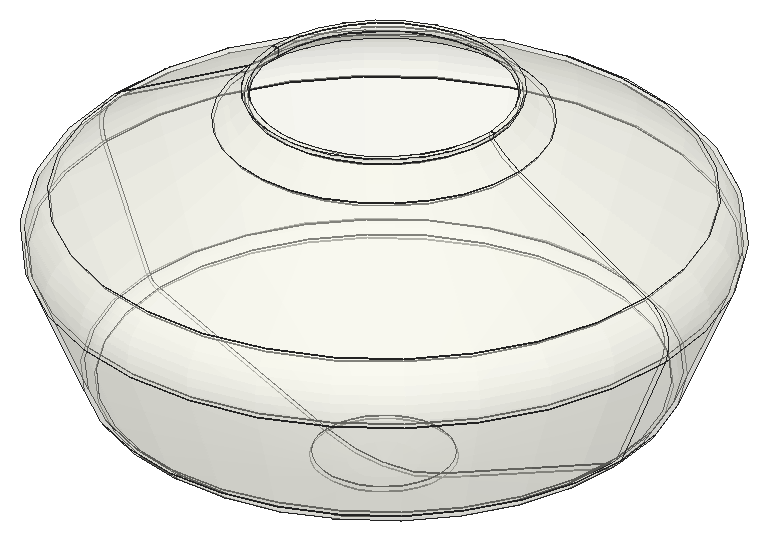
Revit family "SHC14", category Generic Models, Revit 2024
Family settings
  Can host rebar = No
  Round Connector Dimension = Use Diameter
  Part Type = Normal
  Work Plane-Based = No
  Always vertical = Yes
  Cut with Voids When Loaded = No
  Maintain Annotation Orientation = No
  Shared = No
  Room Calculation Point = No
Parameters
  Default Elevation = 0' - 0"
Reference planes (in)
  plane 1 "Center (Front/Back)": y = 0
  plane 2: z = 0
  plane 3 "Center (Left/Right)": x = 0
Forms (in)
  Revolve 1, solid, material "CLEAR"
    sketch origin (0, 0, 0) x (1, 0, 0) y (0, 0, 1)
      loop
        line (2.75308, 47.1846) -> (2.62173, 47.1846)
        arc (2.62173, 47.1846) -> (2.601, 47.09264) -> (2.62817, 47.00238) r 0.18537
        arc (2.62817, 47.00238) -> (2.93338, 46.70401) -> (3.2834, 46.45976) r 2.59258
        line (3.2834, 46.45976) -> (6.43924, 44.78706)
        arc (6.43924, 44.78706) -> (6.8692, 44.28858) -> (6.84835, 43.63062) r 0.90625
        line (6.84835, 43.63062) -> (5.76325, 41.08794)
        arc (5.76325, 41.08794) -> (5.675, 40.95828) -> (5.5442, 40.87171) r 0.40625
        arc (5.5442, 40.87171) -> (3.44401, 40.11435) -> (1.40433, 39.20657) r 30.74118
        arc (1.40433, 39.20657) -> (0.71417, 39.01151) -> (0, 38.94575) r 3.91118
        line (0, 38.94575) -> (0, 38.852)
        arc (0, 38.852) -> (0.73333, 38.91972) -> (1.44186, 39.12056) r 4.00493
        arc (1.44186, 39.12056) -> (3.47876, 40.02728) -> (5.57619, 40.78352) r 30.64743
        arc (5.57619, 40.78352) -> (5.73944, 40.89016) -> (5.84948, 41.05114) r 0.5
        line (5.84948, 41.05114) -> (6.93458, 43.59383)
        arc (6.93458, 43.59383) -> (6.95758, 44.31985) -> (6.48315, 44.86989) r 1
        line (6.48315, 44.86989) -> (3.32896, 46.54172)
        arc (3.32896, 46.54172) -> (2.99595, 46.77392) -> (2.70494, 47.05698) r 2.49883
        arc (2.70494, 47.05698) -> (2.70053, 47.13153) -> (2.75308, 47.1846) r 0.09162
      axis (0, 47.1846) -> (0, 38.852)
    angle from 0 to 360
Dimensions and locks (in)
  aligned and locked: plane 2 to level
